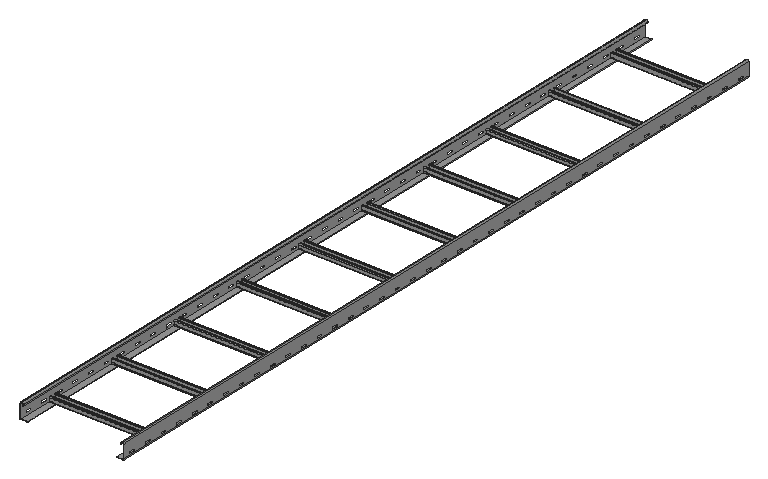
Revit family "LLIS 640 3 FS_FT Kabelleiter,gelocht", category Generic Models, Revit 2017 (continued)
Dimensions and locks
  locked: Extrusion 76 sketch curve to Extrusion 76 sketch curve at 9
  locked: plane 189 to Extrusion 76 sketch curve at 4.5
  locked: Extrusion 77 sketch curve to Extrusion 77 sketch curve at 28
  locked: Extrusion 77 sketch curve to plane 192 at 14
  locked: Extrusion 77 sketch curve to Extrusion 77 sketch curve at 9
  locked: plane 191 to Extrusion 77 sketch curve at 4.5
  locked: Extrusion 78 sketch curve to Extrusion 78 sketch curve at 28
  locked: Extrusion 78 sketch curve to plane 194 at 14
  locked: Extrusion 78 sketch curve to Extrusion 78 sketch curve at 9
  locked: plane 193 to Extrusion 78 sketch curve at 4.5
  locked: Extrusion 79 sketch curve to Extrusion 79 sketch curve at 28
  locked: Extrusion 79 sketch curve to plane 196 at 14
  locked: Extrusion 79 sketch curve to Extrusion 79 sketch curve at 9
  locked: plane 195 to Extrusion 79 sketch curve at 4.5
  locked: Extrusion 80 sketch curve to Extrusion 80 sketch curve at 28
  locked: Extrusion 80 sketch curve to plane 198 at 14
  locked: Extrusion 80 sketch curve to Extrusion 80 sketch curve at 9
  locked: plane 197 to Extrusion 80 sketch curve at 4.5
  locked: Extrusion 81 sketch curve to Extrusion 81 sketch curve at 28
  locked: Extrusion 81 sketch curve to plane 200 at 14
  locked: Extrusion 81 sketch curve to Extrusion 81 sketch curve at 9
  locked: plane 199 to Extrusion 81 sketch curve at 4.5
  locked: Extrusion 82 sketch curve to Extrusion 82 sketch curve at 28
  locked: Extrusion 82 sketch curve to plane 202 at 14
  locked: Extrusion 82 sketch curve to Extrusion 82 sketch curve at 9
  locked: plane 201 to Extrusion 82 sketch curve at 4.5
  locked: Extrusion 83 sketch curve to Extrusion 83 sketch curve at 28
  locked: Extrusion 83 sketch curve to plane 204 at 14
  locked: Extrusion 83 sketch curve to Extrusion 83 sketch curve at 9
  locked: plane 203 to Extrusion 83 sketch curve at 4.5
  locked: Extrusion 84 sketch curve to Extrusion 84 sketch curve at 28
  locked: Extrusion 84 sketch curve to plane 206 at 14
  locked: Extrusion 84 sketch curve to Extrusion 84 sketch curve at 9
  locked: plane 205 to Extrusion 84 sketch curve at 4.5
  locked: Extrusion 85 sketch curve to Extrusion 85 sketch curve at 28
  locked: Extrusion 85 sketch curve to plane 208 at 14
  locked: Extrusion 85 sketch curve to Extrusion 85 sketch curve at 9
  locked: plane 207 to Extrusion 85 sketch curve at 4.5
  locked: Extrusion 86 sketch curve to Extrusion 86 sketch curve at 28
  locked: Extrusion 86 sketch curve to plane 210 at 14
  locked: Extrusion 86 sketch curve to Extrusion 86 sketch curve at 9
  locked: plane 209 to Extrusion 86 sketch curve at 4.5
  locked: Extrusion 87 sketch curve to Extrusion 87 sketch curve at 28
  locked: Extrusion 87 sketch curve to plane 212 at 14
  locked: Extrusion 87 sketch curve to Extrusion 87 sketch curve at 9
  locked: plane 211 to Extrusion 87 sketch curve at 4.5
  locked: Extrusion 88 sketch curve to Extrusion 88 sketch curve at 28
  locked: Extrusion 88 sketch curve to plane 214 at 14
  locked: Extrusion 88 sketch curve to Extrusion 88 sketch curve at 9
  locked: plane 213 to Extrusion 88 sketch curve at 4.5
  locked: Extrusion 89 sketch curve to Extrusion 89 sketch curve at 28
  locked: Extrusion 89 sketch curve to plane 216 at 14
  locked: Extrusion 89 sketch curve to Extrusion 89 sketch curve at 9
  locked: plane 215 to Extrusion 89 sketch curve at 4.5
  locked: Extrusion 90 sketch curve to Extrusion 90 sketch curve at 28
  locked: Extrusion 90 sketch curve to plane 218 at 14
  locked: Extrusion 90 sketch curve to Extrusion 90 sketch curve at 9
  locked: plane 217 to Extrusion 90 sketch curve at 4.5
  locked: Extrusion 91 sketch curve to Extrusion 91 sketch curve at 28
  locked: Extrusion 91 sketch curve to plane 220 at 14
  locked: Extrusion 91 sketch curve to Extrusion 91 sketch curve at 9
  locked: plane 219 to Extrusion 91 sketch curve at 4.5
  aligned and locked: level to plane 2
  aligned and locked: plane 8 to Extrusion 1 sketch curve
  aligned and locked: plane 11 to plane 10
  aligned and locked: plane 9 to Extrusion 1 sketch curve
  aligned and locked: plane 12 to Extrusion 1
  aligned and locked: plane 18 to Extrusion 2
  aligned and locked: Extrusion 2 to plane 22
  aligned and locked: Extrusion 1 to Extrusion 12
  aligned and locked: cut or joined group 1 (Extrusion 1, Extrusion 12, Extrusion 13, Extrusion 14, Extrusion 15, Extrusion 16, Extrusion 17, Extrusion 18, Extrusion 19, Extrusion 20, Extrusion 21, Extrusion 22, Extrusion 23, Extrusion 24, Extrusion 25, Extrusion 26, Extrusion 27, Extrusion 28, Extrusion 29, Extrusion 30, Extrusion 31, Extrusion 32, Extrusion 33, Extrusion 34, Extrusion 35, Extrusion 36, Extrusion 37, Extrusion 38, Extrusion 39, Extrusion 40, Extrusion 41, Extrusion 42, Extrusion 43, Extrusion 44, Extrusion 45, Extrusion 46, Extrusion 47, Extrusion 48, Extrusion 49, Extrusion 50, Extrusion 51, Extrusion 52, Extrusion 53, Extrusion 54, Extrusion 55, Extrusion 56, Extrusion 57, Extrusion 58, Extrusion 59, Extrusion 60, Extrusion 61, Extrusion 62, Extrusion 63, Extrusion 64, Extrusion 65, Extrusion 66, Extrusion 67, Extrusion 68, Extrusion 69, Extrusion 70, Extrusion 71, Extrusion 72, Extrusion 73, Extrusion 74, Extrusion 75, Extrusion 76, Extrusion 77, Extrusion 78, Extrusion 79, Extrusion 80, Extrusion 81, Extrusion 82, Extrusion 83, Extrusion 84, Extrusion 85, Extrusion 86, Extrusion 87, Extrusion 88, Extrusion 89, Extrusion 90, Extrusion 91) to cut or joined group 1  (x5)
  aligned and locked: plane 59 to cut or joined group 1  (x38)
  aligned and locked: Extrusion 1 to Extrusion 52  (x2)
Automatic sketch dimensions
  Extrusion 1 sketch curve to Extrusion 1 sketch curve = 0 mm  (x5)
  Extrusion 1 sketch curve to plane 7 = 0 mm
  Extrusion 1 sketch curve to plane 10 = 1.494 mm
  Extrusion 1 sketch curve to Extrusion 1 sketch curve = 1 mm  (x2)
  Extrusion 1 sketch curve to plane 7 = 15.028 mm
  Extrusion 1 sketch curve to plane 3 "Center (Left/Right)" = 199.956 mm
  Extrusion 2 sketch curve to Extrusion 2 sketch curve = 0 mm  (x9)
  Extrusion 2 sketch curve to plane 14 = 0 mm
  Extrusion 2 sketch curve to plane 16 = 0 mm  (x2)
  Extrusion 2 sketch curve to plane 15 = 0 mm
  plane 14 to Extrusion 2 sketch curve = 1 mm
  plane 14 to Extrusion 2 sketch curve = 2 mm
  Extrusion 2 sketch curve to Extrusion 2 sketch curve = 1 mm  (x3)
  Extrusion 2 sketch curve to Extrusion 2 sketch curve = 4.517 mm
  Extrusion 2 sketch curve to Extrusion 2 sketch curve = 5.5 mm
  Extrusion 2 sketch curve to Extrusion 2 sketch curve = 14 mm
  Extrusion 3 sketch curve to Extrusion 3 sketch curve = 0 mm  (x9)
  Extrusion 3 sketch curve to plane 24 = 0 mm
  Extrusion 3 sketch curve to plane 26 = 0 mm  (x2)
  Extrusion 3 sketch curve to plane 25 = 0 mm
  plane 24 to Extrusion 3 sketch curve = 1 mm
  plane 24 to Extrusion 3 sketch curve = 2 mm
  Extrusion 3 sketch curve to Extrusion 3 sketch curve = 1 mm  (x3)
  Extrusion 3 sketch curve to Extrusion 3 sketch curve = 4.517 mm
  Extrusion 3 sketch curve to Extrusion 3 sketch curve = 5.5 mm
  Extrusion 3 sketch curve to Extrusion 3 sketch curve = 14 mm
  Extrusion 4 sketch curve to Extrusion 4 sketch curve = 0 mm  (x9)
  Extrusion 4 sketch curve to plane 28 = 0 mm
  Extrusion 4 sketch curve to plane 30 = 0 mm  (x2)
  Extrusion 4 sketch curve to plane 29 = 0 mm
  plane 28 to Extrusion 4 sketch curve = 1 mm
  plane 28 to Extrusion 4 sketch curve = 2 mm
  Extrusion 4 sketch curve to Extrusion 4 sketch curve = 1 mm  (x3)
  Extrusion 4 sketch curve to Extrusion 4 sketch curve = 4.517 mm
  Extrusion 4 sketch curve to Extrusion 4 sketch curve = 5.5 mm
  Extrusion 4 sketch curve to Extrusion 4 sketch curve = 14 mm
  Extrusion 5 sketch curve to Extrusion 5 sketch curve = 0 mm  (x9)
  Extrusion 5 sketch curve to plane 32 = 0 mm
  Extrusion 5 sketch curve to plane 34 = 0 mm  (x2)
  Extrusion 5 sketch curve to plane 33 = 0 mm
  plane 32 to Extrusion 5 sketch curve = 1 mm
  plane 32 to Extrusion 5 sketch curve = 2 mm
  Extrusion 5 sketch curve to Extrusion 5 sketch curve = 1 mm  (x3)
  Extrusion 5 sketch curve to Extrusion 5 sketch curve = 4.517 mm
  Extrusion 5 sketch curve to Extrusion 5 sketch curve = 5.5 mm
  Extrusion 5 sketch curve to Extrusion 5 sketch curve = 14 mm
  Extrusion 6 sketch curve to Extrusion 6 sketch curve = 0 mm  (x9)
  Extrusion 6 sketch curve to plane 36 = 0 mm
  Extrusion 6 sketch curve to plane 38 = 0 mm  (x2)
  Extrusion 6 sketch curve to plane 37 = 0 mm
  plane 36 to Extrusion 6 sketch curve = 1 mm
  plane 36 to Extrusion 6 sketch curve = 2 mm
  Extrusion 6 sketch curve to Extrusion 6 sketch curve = 1 mm  (x3)
  Extrusion 6 sketch curve to Extrusion 6 sketch curve = 4.517 mm
  Extrusion 6 sketch curve to Extrusion 6 sketch curve = 5.5 mm
  Extrusion 6 sketch curve to Extrusion 6 sketch curve = 14 mm
  Extrusion 7 sketch curve to Extrusion 7 sketch curve = 0 mm  (x9)
  Extrusion 7 sketch curve to plane 40 = 0 mm
  Extrusion 7 sketch curve to plane 42 = 0 mm  (x2)
  Extrusion 7 sketch curve to plane 41 = 0 mm
  plane 40 to Extrusion 7 sketch curve = 1 mm
  plane 40 to Extrusion 7 sketch curve = 2 mm
  Extrusion 7 sketch curve to Extrusion 7 sketch curve = 1 mm  (x3)
  Extrusion 7 sketch curve to Extrusion 7 sketch curve = 4.517 mm
  Extrusion 7 sketch curve to Extrusion 7 sketch curve = 5.5 mm
  Extrusion 7 sketch curve to Extrusion 7 sketch curve = 14 mm
  Extrusion 8 sketch curve to Extrusion 8 sketch curve = 0 mm  (x9)
  Extrusion 8 sketch curve to plane 44 = 0 mm
  Extrusion 8 sketch curve to plane 46 = 0 mm  (x2)
  Extrusion 8 sketch curve to plane 45 = 0 mm
  plane 44 to Extrusion 8 sketch curve = 1 mm
  plane 44 to Extrusion 8 sketch curve = 2 mm
  Extrusion 8 sketch curve to Extrusion 8 sketch curve = 1 mm  (x3)
  Extrusion 8 sketch curve to Extrusion 8 sketch curve = 4.517 mm
  Extrusion 8 sketch curve to Extrusion 8 sketch curve = 5.5 mm
  Extrusion 8 sketch curve to Extrusion 8 sketch curve = 14 mm
  Extrusion 9 sketch curve to Extrusion 9 sketch curve = 0 mm  (x9)
  Extrusion 9 sketch curve to plane 48 = 0 mm
  Extrusion 9 sketch curve to plane 50 = 0 mm  (x2)
  Extrusion 9 sketch curve to plane 49 = 0 mm
  plane 48 to Extrusion 9 sketch curve = 1 mm
  plane 48 to Extrusion 9 sketch curve = 2 mm
  Extrusion 9 sketch curve to Extrusion 9 sketch curve = 1 mm  (x3)
  Extrusion 9 sketch curve to Extrusion 9 sketch curve = 4.517 mm
  Extrusion 9 sketch curve to Extrusion 9 sketch curve = 5.5 mm
  Extrusion 9 sketch curve to Extrusion 9 sketch curve = 14 mm
  Extrusion 10 sketch curve to Extrusion 10 sketch curve = 0 mm  (x9)
  Extrusion 10 sketch curve to plane 52 = 0 mm
  Extrusion 10 sketch curve to plane 54 = 0 mm  (x2)
  Extrusion 10 sketch curve to plane 53 = 0 mm
  plane 52 to Extrusion 10 sketch curve = 1 mm
  plane 52 to Extrusion 10 sketch curve = 2 mm
  Extrusion 10 sketch curve to Extrusion 10 sketch curve = 1 mm  (x3)
  Extrusion 10 sketch curve to Extrusion 10 sketch curve = 4.517 mm
  Extrusion 10 sketch curve to Extrusion 10 sketch curve = 5.5 mm
  Extrusion 10 sketch curve to Extrusion 10 sketch curve = 14 mm
  Extrusion 11 sketch curve to Extrusion 11 sketch curve = 0 mm  (x9)
  Extrusion 11 sketch curve to plane 56 = 0 mm
  Extrusion 11 sketch curve to plane 58 = 0 mm  (x2)
  Extrusion 11 sketch curve to plane 57 = 0 mm
  plane 56 to Extrusion 11 sketch curve = 1 mm
  plane 56 to Extrusion 11 sketch curve = 2 mm
  Extrusion 11 sketch curve to Extrusion 11 sketch curve = 1 mm  (x3)
  Extrusion 11 sketch curve to Extrusion 11 sketch curve = 4.517 mm
  Extrusion 11 sketch curve to Extrusion 11 sketch curve = 5.5 mm
  Extrusion 11 sketch curve to Extrusion 11 sketch curve = 14 mm
Types (3, lengths in mm): name | Manufacturer Art.No. | GTIN | Article Type
  (no name) | "6209574" | "4012196773145" | "LLIS 640 3 FT"
  LLIS 640 3 FS | "6209554" | "4012196772605" | "LLIS 640 3 FS"
  LLIS 640 3 FT | "6209574" | "4012196773145" | "LLIS 640 3 FT"
